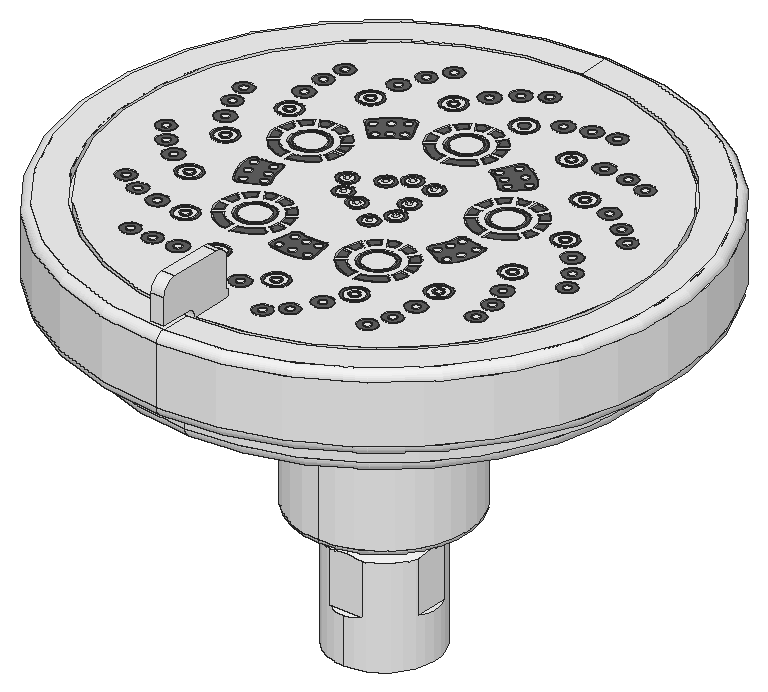
Revit family "S-4600", category Plumbing Fixtures, host Face, Revit 2023 (continued)
Forms (in)
  Extrusion 6, solid, material "Rubber, Black" <- "Rubber"
    sketch origin (0, 0, 0) x (1, 0, 0) y (0, 1, 0)
      loop
        arc (-0.11231, -0.82416) -> (-0.14634, -0.83028) -> (-0.16473, -0.85956) r 0.04278
        line (-0.16473, -0.85956) -> (-0.19128, -1.04168)
        arc (-0.19128, -1.04168) -> (-0.18489, -1.07275) -> (-0.1601, -1.09253) r 0.04658
        arc (-0.1601, -1.09253) -> (-0.00467, -1.11748) -> (0.15037, -1.09021) r 0.47447
        arc (0.15037, -1.09021) -> (0.1701, -1.07406) -> (0.17501, -1.04903) r 0.03765
        line (0.17501, -1.04903) -> (0.14484, -0.85203)
        arc (0.14484, -0.85203) -> (0.13365, -0.83397) -> (0.11288, -0.82951) r 0.02713
      loop
        circle (-0.11375, -0.88772) r 0.03322
      loop
        circle (-0.13511, -1.04377) r 0.03322
      loop
        circle (-0.01108, -1.04608) r 0.03322
      loop
        circle (0.12195, -1.03762) r 0.03322
      loop
        circle (0.10096, -0.88235) r 0.03322
      loop
        circle (-0.0057, -0.8914) r 0.03322
      loop
        circle (-0.36299, 0.02664) r 0.05801
      loop
        circle (-0.36299, 0.02664) r 0.08914
      loop
        circle (-0.26107, -0.14438) r 0.08914
      loop
        circle (-0.26107, -0.14438) r 0.05801
      loop
        circle (-0.08142, -0.21693) r 0.08914
      loop
        circle (-0.08142, -0.21693) r 0.05801
      loop
        circle (0.15179, -0.36203) r 0.08914
      loop
        circle (0.15179, -0.36203) r 0.05801
      loop
        circle (0.26234, -0.19447) r 0.05801
      loop
        circle (0.26234, -0.19447) r 0.08914
      loop
        circle (0.22779, 0.00591) r 0.08914
      loop
        circle (0.22779, 0.00591) r 0.05801
      loop
        circle (-0.11251, 0.15965) r 0.08914
      loop
        circle (-0.11251, 0.15965) r 0.05801
      loop
        circle (0.03432, 0.28403) r 0.08914
      loop
        circle (0.03432, 0.28403) r 0.05801
      loop
        circle (0.23989, 0.27712) r 0.08914
      loop
        circle (0.23989, 0.27712) r 0.05801
      loop
        circle (-0.93005, 1.32369) r 0.09087
      loop
        circle (-0.93005, 1.32369) r 0.03325
      loop
        circle (-0.8405, 1.53546) r 0.08414
      loop
        circle (-0.8405, 1.53546) r 0.03388
      loop
        circle (-0.72867, 1.71441) r 0.08414
      loop
        circle (-0.72867, 1.71441) r 0.03388
      loop
        circle (-0.96645, 1.04969) r 0.11302
      loop
        circle (-0.96645, 1.04969) r 0.08738
      loop
        circle (-0.96645, 1.04969) r 0.04705
      loop
        circle (-0.96645, 1.04969) r 0.03153
      loop
        circle (-1.32223, 0.56) r 0.11302
      loop
        circle (-1.32223, 0.56) r 0.08738
      loop
        circle (-1.32223, 0.56) r 0.04705
      loop
        circle (-1.32223, 0.56) r 0.03153
      loop
        circle (-1.39765, 0.82225) r 0.09087
      loop
        circle (-1.39765, 0.82225) r 0.03325
      loop
        circle (-1.40094, 1.04827) r 0.08414
      loop
        circle (-1.40094, 1.04827) r 0.03388
      loop
        circle (-1.37124, 1.25965) r 0.08414
      loop
        circle (-1.37124, 1.25965) r 0.03388
      loop
        circle (-0.44727, 1.35736) r 0.11302
      loop
        circle (-0.44727, 1.35736) r 0.08738
      loop
        circle (-0.44727, 1.35736) r 0.04705
      loop
        circle (-0.44727, 1.35736) r 0.03153
      loop
        circle (-0.29939, 1.58686) r 0.03325
      loop
        circle (-0.29939, 1.58686) r 0.09087
      loop
        circle (-0.13862, 1.74634) r 0.08832
      loop
        circle (-0.13862, 1.74634) r 0.03312
      loop
        circle (0.03457, 1.86316) r 0.08414
      loop
        circle (0.03457, 1.86316) r 0.03388
      loop
        circle (0.15405, 1.41895) r 0.11521
      loop
        circle (0.15405, 1.41895) r 0.09222
      loop
        circle (0.15405, 1.41895) r 0.04871
      loop
        circle (0.38191, 1.58686) r 0.09087
      loop
        circle (0.38191, 1.58686) r 0.03325
      loop
        circle (0.59191, 1.65509) r 0.09087
      loop
        circle (0.59191, 1.65509) r 0.03325
      loop
        circle (0.79922, 1.68663) r 0.08414
      loop
        circle (0.79922, 1.68663) r 0.03388
      loop
        circle (0.72831, 1.24467) r 0.11302
      loop
        circle (0.72831, 1.24467) r 0.08738
      loop
        circle (0.72831, 1.24467) r 0.04705
      loop
        circle (0.72831, 1.24467) r 0.03153
      loop
        circle (1.00038, 1.28521) r 0.09087
      loop
        circle (1.00038, 1.28521) r 0.03325
      loop
        circle (1.23207, 1.27016) r 0.08414
      loop
        circle (1.23207, 1.27016) r 0.03388
      loop
        circle (1.42828, 1.22179) r 0.08414
      loop
        circle (1.42828, 1.22179) r 0.03388
      loop
        circle (1.17498, 0.84249) r 0.11302
      loop
        circle (1.17498, 0.84249) r 0.08738
      loop
        circle (1.17498, 0.84249) r 0.04705
      loop
        circle (1.17498, 0.84249) r 0.03153
      loop
        circle (1.43995, 0.79702) r 0.09087
      loop
        circle (1.43995, 0.79702) r 0.03325
      loop
        circle (1.65378, 0.6679) r 0.08414
      loop
        circle (1.65378, 0.6679) r 0.03388
      loop
        circle (1.8122, 0.53837) r 0.08414
      loop
        circle (1.8122, 0.53837) r 0.03388
      loop
        circle (-1.44265, -0.02876) r 0.11302
      loop
        circle (-1.44265, -0.02876) r 0.08738
      loop
        circle (-1.44265, -0.02876) r 0.04705
      loop
        circle (-1.44265, -0.02876) r 0.03153
      loop
        circle (-1.61641, 0.18693) r 0.09087
      loop
        circle (-1.61641, 0.18693) r 0.03325
      loop
        circle (-1.71899, 0.39667) r 0.08414
      loop
        circle (-1.71899, 0.39667) r 0.03388
      loop
        circle (-1.77248, 0.59631) r 0.08414
      loop
        circle (-1.77248, 0.59631) r 0.03388
      loop
        circle (-1.308, -0.61197) r 0.08738
      loop
        circle (-1.308, -0.61197) r 0.11302
      loop
        circle (-1.308, -0.61197) r 0.04705
      loop
        circle (-1.308, -0.61197) r 0.03153
      loop
        circle (-1.55781, -0.48292) r 0.09087
      loop
        circle (-1.55781, -0.48292) r 0.03325
      loop
        circle (-1.72939, -0.35046) r 0.08414
      loop
        circle (-1.72939, -0.35046) r 0.03388
      loop
        circle (-1.86412, -0.18542) r 0.08414
      loop
        circle (-1.86412, -0.18542) r 0.03388
      loop
        circle (1.42977, 0.29609) r 0.11302
      loop
        circle (1.42977, 0.29609) r 0.08738
      loop
        circle (1.42977, 0.29609) r 0.04705
      loop
        circle (1.42977, 0.29609) r 0.03153
      loop
        circle (1.63401, 0.12025) r 0.09087
      loop
        circle (1.63401, 0.12025) r 0.03325
      loop
        circle (1.78203, -0.05946) r 0.08414
      loop
        circle (1.78203, -0.05946) r 0.03388
      loop
        circle (1.88066, -0.24413) r 0.08414
      loop
        circle (1.88066, -0.24413) r 0.03388
      loop
        circle (1.42977, -0.30858) r 0.11302
      loop
        circle (1.42977, -0.30858) r 0.08738
      loop
        circle (1.42977, -0.30858) r 0.04705
      loop
        circle (1.42977, -0.30858) r 0.03153
      loop
        circle (1.54902, -0.57201) r 0.09087
      loop
        circle (1.54902, -0.57201) r 0.03325
      loop
        circle (1.61639, -0.77695) r 0.08414
      loop
        circle (1.61639, -0.77695) r 0.03388
      loop
        circle (1.63342, -0.98551) r 0.08414
      loop
        circle (1.63342, -0.98551) r 0.03388
      loop
        circle (1.19365, -0.86484) r 0.11302
      loop
        circle (1.19365, -0.86484) r 0.08738
      loop
        circle (1.19365, -0.86484) r 0.04705
      loop
        circle (1.19365, -0.86484) r 0.03153
      loop
        circle (1.2051, -1.14057) r 0.09087
      loop
        circle (1.2051, -1.14057) r 0.03325
      loop
        circle (1.1713, -1.3676) r 0.08414
      loop
        circle (1.1713, -1.3676) r 0.03388
      loop
        circle (1.09525, -1.56263) r 0.08414
      loop
        circle (1.09525, -1.56263) r 0.03388
      loop
        circle (0.7457, -1.27465) r 0.11302
      loop
        circle (0.7457, -1.27465) r 0.08738
      loop
        circle (0.7457, -1.27465) r 0.04705
      loop
        circle (0.7457, -1.27465) r 0.03153
      loop
        circle (0.63851, -1.50852) r 0.09087
      loop
        circle (0.63851, -1.50852) r 0.03325
      loop
        circle (0.51534, -1.73121) r 0.08414
      loop
        circle (0.51534, -1.73121) r 0.03388
      loop
        circle (0.37302, -1.8692) r 0.08414
      loop
        circle (0.37302, -1.8692) r 0.03388
      loop
        circle (0.17253, -1.46089) r 0.11302
      loop
        circle (0.17253, -1.46089) r 0.08738
      loop
        circle (0.17253, -1.46089) r 0.04705
      loop
        circle (0.17253, -1.46089) r 0.03153
      loop
        circle (-0.02077, -1.63667) r 0.09087
      loop
        circle (-0.02077, -1.63667) r 0.03325
      loop
        circle (-0.21185, -1.76932) r 0.08414
      loop
        circle (-0.21185, -1.76932) r 0.03388
      loop
        circle (-0.41264, -1.85548) r 0.08414
      loop
        circle (-0.41264, -1.85548) r 0.03388
      loop
        circle (-0.43032, -1.40192) r 0.11302
      loop
        circle (-0.43032, -1.40192) r 0.08738
      loop
        circle (-0.43032, -1.40192) r 0.04705
      loop
        circle (-0.43032, -1.40192) r 0.03153
      loop
        circle (-0.68792, -1.51903) r 0.09087
      loop
        circle (-0.68792, -1.51903) r 0.03325
      loop
        circle (-0.90776, -1.53534) r 0.08414
      loop
        circle (-0.90776, -1.53534) r 0.03388
      loop
        circle (-1.12111, -1.52512) r 0.08414
      loop
        circle (-1.12111, -1.52512) r 0.03388
      loop
        circle (-0.95355, -1.09983) r 0.11302
      loop
        circle (-0.95355, -1.09983) r 0.08738
      loop
        circle (-0.95355, -1.09983) r 0.03153
      loop
        circle (-0.95355, -1.09983) r 0.04705
      loop
        circle (-1.2242, -1.08477) r 0.09087
      loop
        circle (-1.2242, -1.08477) r 0.03325
      loop
        circle (-1.44849, -1.0311) r 0.08414
      loop
        circle (-1.44849, -1.0311) r 0.03388
      loop
        circle (-1.63541, -0.93349) r 0.08414
      loop
        circle (-1.63541, -0.93349) r 0.03388
    from 3.60923 to 3.6875
Cuts and joins
  Extrusion 4, Extrusion 5 cuts Revolve 1
  Extrusion 4, Extrusion 5 cuts Extrusion 2
  Extrusion 4, Extrusion 5 cuts Extrusion 3
  joined: Revolve 1, Extrusion 2, Extrusion 3
Lines and regions (in)
  symbolic lines, not visible
    curve 1: line (0, 0, 0) -> (0, -0.57377, -0.88353)
    curve 2: line (0, -0.57377, -0.88353) -> (0, -1.20069, -0.88353)
    curve 3: line (0, 0, 0) -> (0, -0.06323, -0.3586)
    curve 4: line (0, 0, 0) -> (0, -0.34129, -0.2302)
    curve 5: line (0, 0, 0) -> (1, 0, -1.73205)
    curve 6: line (1, 0, -1.73205) -> (2, 0, -1.73205)
    curve 7: line (0, 0, 0) -> (0.07145, 0, -0.40523)
    curve 8: line (0, 0, 0) -> (0.31521, 0, -0.26449)
    curve 9: circle (0, 0, 0) r 2.625 normal (0, 0, 1)
Text (in)
  text "1/2\"-14 NPT THREADED BALL" at (0, -1.36869, -0.59408), in view "Left"
  text "1/2\"-14 NPT THREADED BALL" at (0, -1.36869, -0.59408), in view "Right"
  text "1/2\"-14 NPT THREADED BALL" at (2.11191, 0, -1.11886), in view "Front"
  text "1/2\"-14 NPT THREADED BALL" at (2.11191, 0, -1.11886), in view "Back"
  text "⌀" at (1.18263, 0, 7.22705), in view "Back"
  text "⌀" at (1.33888, 0, 6.28955), in view "Back"
  text "⌀" at (-1.25273, 0, 7.24457), in view "Front"
  text "⌀" at (-1.34153, 0, 6.30833), in view "Front"
  text "⌀" at (0, 1.18406, 6.54436), in view "Left"
  text "⌀" at (0, 1.40281, 5.60686), in view "Left"
  text "⌀" at (0, -1.22444, 6.54465), in view "Right"
  text "⌀" at (0, -1.31819, 5.57757), in view "Right"
Dimensions and locks (in)
  plane 4 to host face = 0' - 3 11/16"
  plane 4 to plane 5 = 0' - 2 9/16"  (x4)
  plane 1 "Center (Front/Back)" to Revolve 1 sketch curve = 0' - 2 5/8"
  plane 6 to plane 2 = 0' - 4 1/8"  (x4)
  plane 4 to plane 2 = 0' - 3 11/16"  (x4)
  plane 8 to plane 7 = 0' - 5.24981"  (x2)
  plane 9 to plane 10 = 0' - 4 9/16"  (x2)
  plane 12 to plane 11 = 0' - 5.25052"  (x2)
  plane 14 to plane 13 = 0' - 4 9/16"  (x2)
  diameter of curve 9 = 0' - 5 1/4"
  diameter of cut or joined group of Revolve 1, Extrusion 2, Extrusion 3, Extrusion 4, Extrusion 5 = 0' - 4 9/16"
  aligned and locked: host face to plane 2
  aligned and locked: level to host face
